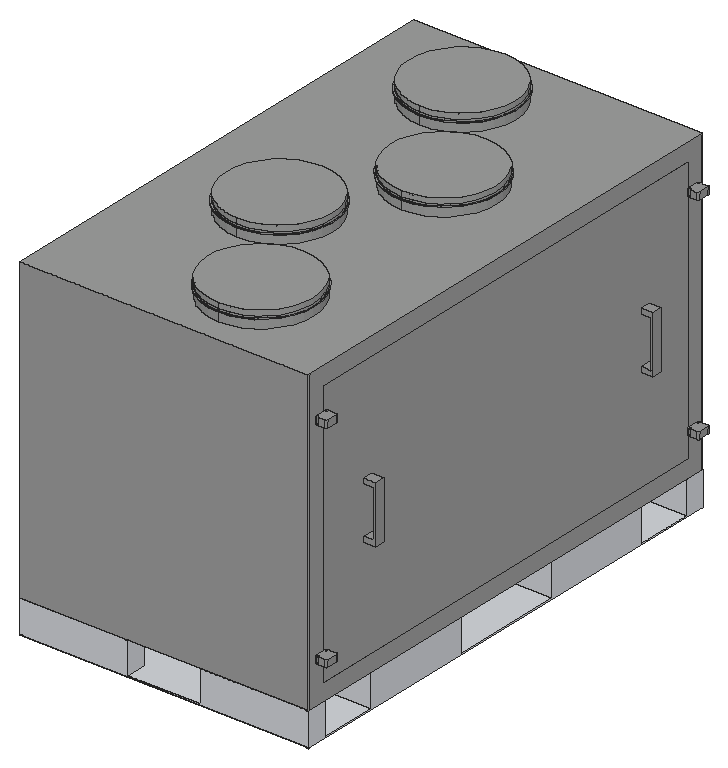
Revit family "Вентустановка Naveka Node5 Vertical", category Оборудование, Revit 2019
Family settings
  Размер круглого соединителя = Использовать диаметр
  Тип детали = Нормальный
  Номер OmniClass = 23.75.00.00
  Заголовок OmniClass = Climate Control (HVAC)
  На основе рабочей плоскости = Нет
  Всегда вертикально = Да
  При загрузке вырезать с полостями = Нет
  Общий = Нет
  Точка расчета площади = Нет
Parameters (values of type "Node5-315/RP-M,VAC,E4.5")
  Ток ТЭНа (на фазу), А = "7.6"
  Ток вентилятора, А = "2"
  Рама = yes
  Питание, В = "3-380"
  Мощность калорифера, кВт = "4.5"
  Мощность вентиляторов, кВт = "0.45"
  Материал = RAL 0000 Серый металл
  Крепления = no
  x2 = 555 mm
  l2 = 320 mm
  l1 = 219 mm
  d = 315 mm
  b = 217 mm
  Sv = 215 mm
  Sg = 338 mm
  L = 1455 mm
  H = 890 mm
  D+4.5 = D + 4.5 mm  # 161 mm
  D+0.5 = D + 0.5 mm  # 157 mm
  D = 156.5 mm
  B = 855 mm
  ADSK_Примечание = "https://progress-nw.ru/ustanovki/node5/node5-ac-vertical/ustanovka-ventilyacionnaya-pritochno-vytyazhnaya-node5-315-rp-m-vac-e4-5-vertical-1000-m3-ch-280-pa"
  ADSK_Позиция = ""
  ADSK_Наименование = "Установка вентиляционная Node5 Compact"  # constant formula
  ADSK_Масса = 89
  ADSK_Марка = "Node5-315/RP-M,VAC,E4.5 Vertical"
  ADSK_Код изделия = ""
  ADSK_Завод-изготовитель = "Naveka"  # constant formula
  ADSK_Единица измерения = "шт."  # constant formula
Types (11, lengths in mm): name | Ток ТЭНа (на фазу), А | Ток вентилятора, А | Рама | Питание, В | Мощность калорифера, кВт | Мощность вентиляторов, кВт | Крепления | x2 | l2 | l1 | d | b | Sv | Sg | L | H | D+4.5 | D+0.5 | D | B | ADSK_Примечание | ADSK_Масса | ADSK_Марка
  (no name) | "7.6" | "2" | yes | "3-380" | "4.5" | "0.45" | no | 555 | 320 | 219 | 315 | 217 | 215 | 338 | 1455 | 890 | 161 | 157 | 156.5 | 855 | "https://progress-nw.ru/ustanovki/node5/node5-ac-vertical/ustanovka-ventilyacionnaya-pritochno-vytyazhnaya-node5-315-rp-m-vac-e4-5-vertical-1000-m3-ch-280-pa" | 89 | "Node5-315/RP-M,VAC,E4.5 Vertical"
  Node5-125/RP-M,VAC,E0.37 | "1.7" | "0.5" | no | "1-220" | "0.37" | "0.1" | yes | 555 | 135 | 134 | 125 | 125 | 81 | 152 | 726 | 640 | 66 | 62 | 61.5 | 350 | "https://progress-nw.ru/ustanovki/node5/node5-ac-vertical/ustanovka-ventilyacionnaya-pritochno-vytyazhnaya-node5-125-rp-m-vac-e0-37-vertical-100-m3-ch-280-pa" | 57.4 | "Node5-125/RP-M,VAC,E0.37 Vertical"
  Node5-160/RP-M,VAC,E1.1 | "5.1" | "0.8" | no | "1-220" | "1.1" | "0.17" | yes | 657 | 135 | 125 | 160 | 150 | 56 | 207 | 892 | 690 | 83.5 | 79.5 | 79 | 350 | "https://progress-nw.ru/ustanovki/node5/node5-ac-vertical/ustanovka-ventilyacionnaya-pritochno-vytyazhnaya-node5-160-rp-m-vac-e1-1-vertical-250-m3-ch-250-pa" | 58.2 | "Node5-160/RP-M,VAC,E1.1 Vertical"
  Node5-200/RP-M,VAC,E1.5 | "6.8" | "1.2" | yes | "1-220" | "1.5" | "0.27" | no | 555 | 205 | 157 | 200 | 176 | 193 | 213 | 955 | 904 | 103.5 | 99.5 | 99 | 603 | "https://progress-nw.ru/ustanovki/node5/node5-ac-vertical/ustanovka-ventilyacionnaya-pritochno-vytyazhnaya-node5-200-rp-m-vac-e1-5-vertical-400-m3-ch-340-pa" | 86.4 | "Node5-200/RP-M,VAC,E1.5 Vertical"
  Node5-250/RP-M,VAC,E2.6 | "11.9" | "1.9" | yes | "1-220" | "2.6" | "0.42" | no | 555 | 205 | 193 | 250 | 185 | 193 | 286 | 1245 | 904 | 128.5 | 124.5 | 124 | 603 | "https://progress-nw.ru/ustanovki/node5/node5-ac-vertical/ustanovka-ventilyacionnaya-pritochno-vytyazhnaya-node5-250-rp-m-vac-e2-6-vertical-600-m3-ch-340-pa" | 87 | "Node5-250/RP-M,VAC,E2.6 Vertical"
  Node5-315/RP-M,VAC,E3.4 | "5.7" | "2" | yes | "3-380" | "3.4" | "0.45" | no | 555 | 320 | 219 | 315 | 217 | 215 | 338 | 1455 | 890 | 161 | 157 | 156.5 | 855 | "https://progress-nw.ru/ustanovki/node5/node5-ac-vertical/ustanovka-ventilyacionnaya-pritochno-vytyazhnaya-node5-315-rp-m-vac-e3-4-vertical-800-m3-ch-380-pa" | 89 | "Node5-315/RP-M,VAC,E3.4 Vertical"
  Node5-125/RP-M,VAC,E0.75 | "3.4" | "0.5" | no | "1-220" | "0.75" | "0.1" | yes | 555 | 135 | 134 | 125 | 125 | 81 | 152 | 726 | 640 | 66 | 62 | 61.5 | 350 | "https://progress-nw.ru/ustanovki/node5/node5-ac-vertical/ustanovka-ventilyacionnaya-pritochno-vytyazhnaya-node5-125-rp-m-vac-e0-75-vertical-200-m3-ch-190-pa" | 57.4 | "Node5-125/RP-M,VAC,E0.75 Vertical"
  Node5-160/RP-M,VAC,E1.5 | "6.8" | "0.8" | no | "1-220" | "1.5" | "0.17" | yes | 657 | 140 | 134 | 160 | 150 | 56 | 207 | 892 | 690 | 83.5 | 79.5 | 79 | 350 | "https://progress-nw.ru/ustanovki/node5/node5-ac-vertical/ustanovka-ventilyacionnaya-pritochno-vytyazhnaya-node5-160-rp-m-vac-e1-5-vertical-300-m3-ch-180-pa" | 58.2 | "Node5-160/RP-M,VAC,E1.5 Vertical"
  Node5-200/RP-M,VAC,E2.3 | "10.2" | "1.2" | yes | "1-220" | "2.3" | "0.27" | no | 555 | 205 | 157 | 200 | 176 | 193 | 213 | 955 | 904 | 103.5 | 99.5 | 99 | 603 | "https://progress-nw.ru/ustanovki/node5/node5-ac-vertical/ustanovka-ventilyacionnaya-pritochno-vytyazhnaya-node5-200-rp-m-vac-e2-3-vertical-500-m3-ch-280-pa" | 86.4 | "Node5-200/RP-M,VAC,E2.3 Vertical"
  Node5-250/RP-M,VAC,E3.4 | "5.7" | "1.9" | yes | "3-380" | "3.4" | "0.42" | no | 555 | 205 | 193 | 250 | 185 | 193 | 286 | 1245 | 904 | 128.5 | 124.5 | 124 | 603 | "https://progress-nw.ru/ustanovki/node5/node5-ac-vertical/ustanovka-ventilyacionnaya-pritochno-vytyazhnaya-node5-250-rp-m-vac-e3-4-vertical-700-m3-ch-260-pa" | 87 | "Node5-250/RP-M,VAC,E3.4 Vertical"
  Node5-315/RP-M,VAC,E4.5 | "7.6" | "2" | yes | "3-380" | "4.5" | "0.45" | no | 555 | 320 | 219 | 315 | 217 | 215 | 338 | 1455 | 890 | 161 | 157 | 156.5 | 855 | "https://progress-nw.ru/ustanovki/node5/node5-ac-vertical/ustanovka-ventilyacionnaya-pritochno-vytyazhnaya-node5-315-rp-m-vac-e4-5-vertical-1000-m3-ch-280-pa" | 89 | "Node5-315/RP-M,VAC,E4.5 Vertical"
Reference planes
  plane 1 "По центру (Вперед/Назад)": y = 0
  plane 2: x = 537
  plane 3 "По центру (Влево/Вправо)": x = 0
  plane 4: y = 727.5
  plane 5: y = -727.5
  plane 6: z = 545
  plane 7: x = 857
  plane 8: x = 2
  plane 9: z = 990
  plane 10: z = 1015
  plane 11: z = 1019
  plane 12: z = 1020
  plane 13: z = 1024
  plane 14: z = 1040
  plane 15 "По центру Л/Р": y = 508.5
  plane 16: z = 749.717
  plane 17: x = 97.178
  plane 18: z = 779.717
  plane 19: z = 809.717
  plane 20: z = 839.717
  plane 21: y = -673.5
  plane 22: z = 940
  plane 23: y = 673.5
  plane 24: z = 1010
  plane 25: z = 428
  plane 26: z = 455
  plane 27: z = 401
  plane 28: y = 758.97
  plane 29: y = -758.97
  plane 30: y = -677.5
  plane 31: y = 677.5
  plane 32: y = -676.5
  plane 33: y = 676.5
  plane 34: z = 939
  plane 35: z = 100
  plane 36: z = 150
  plane 37: z = 151
  plane 38: x = 854
  plane 39: y = -527.5
  plane 40: y = -497.5
  plane 41: y = 527.5
  plane 42: y = 497.5
  plane 43: z = 630
  plane 44: z = 460
  plane 45: x = 894
  plane 46: y = 707.5
  plane 47: y = 667.5
  plane 48: y = -687.5
  plane 49: y = -672.5
  plane 50: z = 872
  plane 51: z = 852
  plane 52: y = 700.5
  plane 53: z = 218
  plane 54: z = 238
  plane 55: y = -707.5
  plane 56: y = -667.5
  plane 57: x = 322
  plane 58 "По центру Л/Т": y = 170.5
  plane 59 "По центру Л/У": y = -505.5
  plane 60 "По центру Л/Ф": y = -167.5
  plane 61: y = -700.5
  plane 62: x = 67.178
  plane 63: z = 615
  plane 64: z = 475
  plane 65: x = 889
Forms (mm)
  Extrusion 1, solid, material "RAL 0000 Серый металл" <- "Материал", detail levels fine
    sketch origin (220.5, 5, 650) x (0, 1, 0) y (-1, 0, 0)
      loop
        circle (503.5, -101.5) r 156.5
    from 340 to 390
  Extrusion 2, solid, material "Каучук, черный", detail levels fine
    sketch origin (203.305, 0, 650) x (0, 1, 0) y (-1, 0, 0)
      loop
        circle (508.5, -118.695) r 157
    from 365 to 374
  Extrusion 3, solid, material "Каучук, черный", detail levels fine
    sketch origin (203.305, 0, 650) x (0, 1, 0) y (-1, 0, 0)
      loop
        circle (508.5, -118.695) r 161
    from 369 to 370
  Extrusion 4, solid, material "RAL 0000 Серый металл" <- "Материал"
    sketch origin (220.5, 0, 650) x (1, 0, 0) y (0, 1, 0)
      loop
        arc (636.5, 724.475) -> (635.614, 726.614) -> (633.475, 727.5) r 3.025
        line (633.475, 727.5) -> (-218.5, 727.5) -> (-218.5, -727.5) -> (633.484, -727.5)
        arc (633.484, -727.5) -> (635.617, -726.617) -> (636.5, -724.484) r 3.016
        line (636.5, -724.484) -> (636.5, 724.475)
    from 340 to -550
  Extrusion 5, solid, material "RAL 0000 Серый металл" <- "Материал", detail levels fine
    sketch origin (220.5, -212, 650) x (0, 1, 0) y (-1, 0, 0)
      loop
        circle (382.5, -316.5) r 156.5
    from 340 to 390
  Extrusion 6, solid, material "Каучук, черный", detail levels fine
    sketch origin (203.305, -217, 650) x (0, 1, 0) y (-1, 0, 0)
      loop
        circle (387.5, -333.695) r 157
    from 365 to 374
  Extrusion 7, solid, material "Каучук, черный", detail levels fine
    sketch origin (203.305, -217, 650) x (0, 1, 0) y (-1, 0, 0)
      loop
        circle (387.5, -333.695) r 161
    from 369 to 370
  Extrusion 8, solid, visible <- "Крепления"
    sketch origin (0, 999, -210) x (0, 1, 0) y (0, 0, 1)
      loop
        line (-325.5, 1200) -> (-325.5, 1150) -> (-271.5, 1150) -> (-271.5, 1200) -> (-283.217, 1229) -> (-313.783, 1229) -> (-325.5, 1200)
      loop
        circle (-298.5, 1220) r 4.5
    from 0 to 2
  Extrusion 9, solid, visible <- "Крепления"
    sketch origin (0, 0, 0) x (0, 1, 0) y (0, 0, 1)
      loop
        line (673.5, 455) -> (673.5, 401) -> (727.5, 401) -> (758.97, 413.715) -> (758.97, 442.285) -> (727.5, 455) -> (673.5, 455)
      loop
        circle (748.005, 428) r 4.5
    from 0 to 2
  Extrusion 10, solid, visible <- "Крепления"
    sketch origin (0, 0, 0) x (0, -1, 0) y (0, 0, -1)
      loop
        line (673.5, -455) -> (727.5, -455) -> (758.97, -442.285) -> (758.97, -413.715) -> (727.5, -401) -> (673.5, -401) -> (673.5, -455)
      loop
        circle (748.005, -428) r 4.5
    from 0 to 2
  Extrusion 11, void
    sketch origin (0, 0, 0) x (0, 1, 0) y (0, 0, 1)
      loop
        line (-677.5, 940) -> (-677.5, 150) -> (677.5, 150) -> (677.5, 940) -> (-677.5, 940)
      loop
        line (-676.5, 939) -> (-676.5, 151) -> (676.5, 151) -> (676.5, 939) -> (-676.5, 939)
    from 854 to 857
  Extrusion 12, solid, material "Каучук, черный"
    sketch origin (0, 0, 0) x (1, 0, 0) y (0, 0, 1)
      loop
        line (857, 615) -> (889, 615) -> (889, 475) -> (857, 475) -> (857, 460) -> (894, 460) -> (894, 630) -> (857, 630) -> (857, 615)
    from 497.5 to 527.5
  Extrusion 13, solid, material "Каучук, черный"
    sketch origin (0, 0, 0) x (1, 0, 0) y (0, 0, -1)
      loop
        line (857, -615) -> (857, -630) -> (894, -630) -> (894, -460) -> (857, -460) -> (857, -475) -> (889, -475) -> (889, -615) -> (857, -615)
    from 497.5 to 527.5
  Extrusion 14, solid, material "Каучук, черный"
    sketch origin (0, 0, 0) x (1, 0, 0) y (0, 1, 0)
      loop
        line (857, 707.5) -> (857, 667.5) -> (864, 667.5) -> (864, 672.5) -> (865.995, 672.5)
        arc (865.995, 672.5) -> (867.459, 668.964) -> (870.995, 667.5) r 5
        line (870.995, 667.5) -> (889, 667.5)
        arc (889, 667.5) -> (892.536, 668.964) -> (894, 672.5) r 5
        line (894, 672.5) -> (894, 702.5)
        arc (894, 702.5) -> (892.536, 706.036) -> (889, 707.5) r 5
        line (889, 707.5) -> (870.995, 707.5)
        arc (870.995, 707.5) -> (867.459, 706.036) -> (865.995, 702.5) r 5
        line (865.995, 702.5) -> (864, 702.5) -> (864, 707.5) -> (857, 707.5)
    from 852 to 872
  Extrusion 15, solid, material "Каучук, черный"
    sketch origin (0, -45, 0) x (1, 0, 0) y (0, 1, 0)
      loop
        line (857, 752.5) -> (857, 712.5) -> (864, 712.5) -> (864, 717.5) -> (865.995, 717.5)
        arc (865.995, 717.5) -> (867.459, 713.964) -> (870.995, 712.5) r 5
        line (870.995, 712.5) -> (889, 712.5)
        arc (889, 712.5) -> (892.536, 713.964) -> (894, 717.5) r 5
        line (894, 717.5) -> (894, 747.5)
        arc (894, 747.5) -> (892.536, 751.036) -> (889, 752.5) r 5
        line (889, 752.5) -> (870.995, 752.5)
        arc (870.995, 752.5) -> (867.459, 751.036) -> (865.995, 747.5) r 5
        line (865.995, 747.5) -> (864, 747.5) -> (864, 752.5) -> (857, 752.5)
    from 218 to 238
  Extrusion 16, solid, material "Каучук, черный"
    sketch origin (0, 0, 0) x (1, 0, 0) y (0, 1, 0)
      loop
        line (857, -707.5) -> (864, -707.5) -> (864, -702.5) -> (865.995, -702.5)
        arc (865.995, -702.5) -> (867.459, -706.036) -> (870.995, -707.5) r 5
        line (870.995, -707.5) -> (889, -707.5)
        arc (889, -707.5) -> (892.536, -706.036) -> (894, -702.5) r 5
        line (894, -702.5) -> (894, -672.5)
        arc (894, -672.5) -> (892.536, -668.964) -> (889, -667.5) r 5
        line (889, -667.5) -> (870.995, -667.5)
        arc (870.995, -667.5) -> (867.459, -668.964) -> (865.995, -672.5) r 5
        line (865.995, -672.5) -> (864, -672.5) -> (864, -667.5) -> (857, -667.5) -> (857, -707.5)
    from 852 to 872
  Extrusion 17, solid, material "Каучук, черный"
    sketch origin (0, 45, 0) x (1, 0, 0) y (0, 1, 0)
      loop
        line (857, -752.5) -> (864, -752.5) -> (864, -747.5) -> (865.995, -747.5)
        arc (865.995, -747.5) -> (867.459, -751.036) -> (870.995, -752.5) r 5
        line (870.995, -752.5) -> (889, -752.5)
        arc (889, -752.5) -> (892.536, -751.036) -> (894, -747.5) r 5
        line (894, -747.5) -> (894, -717.5)
        arc (894, -717.5) -> (892.536, -713.964) -> (889, -712.5) r 5
        line (889, -712.5) -> (870.995, -712.5)
        arc (870.995, -712.5) -> (867.459, -713.964) -> (865.995, -717.5) r 5
        line (865.995, -717.5) -> (864, -717.5) -> (864, -712.5) -> (857, -712.5) -> (857, -752.5)
    from 218 to 238
  Extrusion 18, solid, material "RAL 0000 Серый металл" <- "Материал", detail levels fine
    sketch origin (220.5, -251.5, 650) x (0, 1, 0) y (-1, 0, 0)
      loop
        circle (84, -101.5) r 156.5
    from 340 to 390
  Extrusion 19, solid, material "Каучук, черный", detail levels fine
    sketch origin (203.305, -256.5, 650) x (0, 1, 0) y (-1, 0, 0)
      loop
        circle (89, -118.695) r 157
    from 365 to 374
  Extrusion 20, solid, material "Каучук, черный", detail levels fine
    sketch origin (203.305, -256.5, 650) x (0, 1, 0) y (-1, 0, 0)
      loop
        circle (89, -118.695) r 161
    from 369 to 370
  Extrusion 21, solid, material "RAL 0000 Серый металл" <- "Материал", detail levels fine
    sketch origin (220.5, -492, 650) x (0, 1, 0) y (-1, 0, 0)
      loop
        circle (-13.5, -316.5) r 156.5
    from 340 to 390
  Extrusion 22, solid, material "Каучук, черный", detail levels fine
    sketch origin (203.305, -497, 650) x (0, 1, 0) y (-1, 0, 0)
      loop
        circle (-8.5, -333.695) r 157
    from 365 to 374
  Extrusion 23, solid, material "Каучук, черный", detail levels fine
    sketch origin (203.305, -497, 650) x (0, 1, 0) y (-1, 0, 0)
      loop
        circle (-8.5, -333.695) r 161
    from 369 to 370
  Extrusion 24, solid, visible <- "Крепления"
    sketch origin (0, 327, 0) x (0, 1, 0) y (0, 0, 1)
      loop
        line (-1054.5, 990) -> (-1054.5, 940) -> (-1000.5, 940) -> (-1000.5, 990) -> (-1012.217, 1019) -> (-1042.783, 1019) -> (-1054.5, 990)
      loop
        circle (-1027.5, 1010) r 4.5
    from 0 to 2
  Revolve 25, solid, material "Пластмасса, непрозрачная, белая", detail levels fine
    sketch origin (97.178, 1524, 1219.877) x (0, 0, 1) y (0, -1, 0)
      loop
        line (-470.161, 796.5) -> (-483.87, 796.5) -> (-483.87, 793.075) -> (-481.576, 791.75) -> (-479.601, 792.22) -> (-477.853, 793.047) -> (-476.854, 793.746) -> (-473.409, 793.746) -> (-473.409, 795.531) -> (-472.563, 795.531) -> (-472.563, 794.338) -> (-470.161, 794.338) -> (-470.161, 796.5)
      axis (-470.161, 791.75) -> (-470.161, 796.5)
    angle from 0 to 360
  Revolve 26, solid, material "Пластмасса, непрозрачная, белая", detail levels fine
    sketch origin (97.178, 1524, 1257.322) x (0, 0, 1) y (0, -1, 0)
      loop
        line (-477.605, 796.5) -> (-491.315, 796.5) -> (-491.315, 793.075) -> (-489.02, 791.75) -> (-487.046, 792.22) -> (-485.298, 793.047) -> (-484.299, 793.746) -> (-480.854, 793.746) -> (-480.854, 795.531) -> (-480.008, 795.531) -> (-480.008, 794.338) -> (-477.605, 794.338) -> (-477.605, 796.5)
      axis (-477.605, 791.75) -> (-477.605, 796.5)
    angle from 0 to 360
  Revolve 27, solid, material "Пластмасса, непрозрачная, белая", detail levels fine
    sketch origin (97.178, 1524, 1294.767) x (0, 0, 1) y (0, -1, 0)
      loop
        line (-485.05, 796.5) -> (-498.759, 796.5) -> (-498.759, 793.075) -> (-496.465, 791.75) -> (-494.491, 792.22) -> (-492.742, 793.047) -> (-491.744, 793.746) -> (-488.298, 793.746) -> (-488.298, 795.531) -> (-487.453, 795.531) -> (-487.453, 794.338) -> (-485.05, 794.338) -> (-485.05, 796.5)
      axis (-485.05, 791.75) -> (-485.05, 796.5)
    angle from 0 to 360
  Revolve 28, solid, material "Пластмасса, непрозрачная, белая", detail levels fine
    sketch origin (97.178, 1524, 1332.212) x (0, 0, 1) y (0, -1, 0)
      loop
        line (-492.495, 796.5) -> (-506.204, 796.5) -> (-506.204, 793.075) -> (-503.91, 791.75) -> (-501.935, 792.22) -> (-500.187, 793.047) -> (-499.188, 793.746) -> (-495.743, 793.746) -> (-495.743, 795.531) -> (-494.897, 795.531) -> (-494.897, 794.338) -> (-492.495, 794.338) -> (-492.495, 796.5)
      axis (-492.495, 791.75) -> (-492.495, 796.5)
    angle from 0 to 360
  Revolve 29, solid, material "Пластмасса, непрозрачная, белая", detail levels fine
    sketch origin (67.178, 1524, 1219.877) x (0, 0, 1) y (0, -1, 0)
      loop
        line (-470.161, 796.5) -> (-483.87, 796.5) -> (-483.87, 793.075) -> (-481.576, 791.75) -> (-479.601, 792.22) -> (-477.853, 793.047) -> (-476.854, 793.746) -> (-473.409, 793.746) -> (-473.409, 795.531) -> (-472.563, 795.531) -> (-472.563, 794.338) -> (-470.161, 794.338) -> (-470.161, 796.5)
      axis (-470.161, 791.75) -> (-470.161, 796.5)
    angle from 0 to 360
  Revolve 30, solid, material "Пластмасса, непрозрачная, белая", detail levels fine
    sketch origin (67.178, 1524, 1257.322) x (0, 0, 1) y (0, -1, 0)
      loop
        line (-477.605, 796.5) -> (-491.315, 796.5) -> (-491.315, 793.075) -> (-489.02, 791.75) -> (-487.046, 792.22) -> (-485.298, 793.047) -> (-484.299, 793.746) -> (-480.854, 793.746) -> (-480.854, 795.531) -> (-480.008, 795.531) -> (-480.008, 794.338) -> (-477.605, 794.338) -> (-477.605, 796.5)
      axis (-477.605, 791.75) -> (-477.605, 796.5)
    angle from 0 to 360
  Revolve 31, solid, material "Пластмасса, непрозрачная, белая", detail levels fine
    sketch origin (67.178, 1524, 1294.767) x (0, 0, 1) y (0, -1, 0)
      loop
        line (-485.05, 796.5) -> (-498.759, 796.5) -> (-498.759, 793.075) -> (-496.465, 791.75) -> (-494.491, 792.22) -> (-492.742, 793.047) -> (-491.744, 793.746) -> (-488.298, 793.746) -> (-488.298, 795.531) -> (-487.453, 795.531) -> (-487.453, 794.338) -> (-485.05, 794.338) -> (-485.05, 796.5)
      axis (-485.05, 791.75) -> (-485.05, 796.5)
    angle from 0 to 360
  Revolve 32, solid, material "Пластмасса, непрозрачная, белая", detail levels fine
    sketch origin (67.178, 1524, 1332.212) x (0, 0, 1) y (0, -1, 0)
      loop
        line (-492.495, 796.5) -> (-506.204, 796.5) -> (-506.204, 793.075) -> (-503.91, 791.75) -> (-501.935, 792.22) -> (-500.187, 793.047) -> (-499.188, 793.746) -> (-495.743, 793.746) -> (-495.743, 795.531) -> (-494.897, 795.531) -> (-494.897, 794.338) -> (-492.495, 794.338) -> (-492.495, 796.5)
      axis (-492.495, 791.75) -> (-492.495, 796.5)
    angle from 0 to 360
  Extrusion 33, solid, visible <- "Рама"
    sketch origin (0, 0, 0) x (0, 1, 0) y (0, 0, 1)
      loop
        arc (-726.543, 100) -> (-727.22, 99.72) -> (-727.5, 99.043) r 0.957
        line (-727.5, 99.043) -> (-727.5, 1)
        arc (-727.5, 1) -> (-727.207, 0.293) -> (-726.5, 0) r 1
        line (-726.5, 0) -> (726.497, 0)
        arc (726.497, 0) -> (727.206, 0.294) -> (727.5, 1.003) r 1.003
        line (727.5, 1.003) -> (727.5, 99.023)
        arc (727.5, 99.023) -> (727.214, 99.714) -> (726.523, 100) r 0.977
        line (726.523, 100) -> (-726.543, 100)
    from 2 to 857
  Extrusion 34, void
    sketch origin (0, 0, 0) x (1, 0, 0) y (0, 0, 1)
      loop
        line (537, 5) -> (537, 100) -> (322, 100) -> (322, 5) -> (537, 5)
    from -727.5 to 727.5
  Extrusion 35, void
    sketch origin (0, 0, 0) x (0, 1, 0) y (0, 0, 1)
      loop
        line (-667.5, 100) -> (-667.5, 5) -> (-497.5, 5) -> (-497.5, 100) -> (-667.5, 100)
      loop
        line (497.5, 100) -> (497.5, 5) -> (667.5, 5) -> (667.5, 100) -> (497.5, 100)
      loop
        line (-167.5, 100) -> (-167.5, 5) -> (170.5, 5) -> (170.5, 100) -> (-167.5, 100)
    from 2 to 857
Cuts and joins
  Extrusion 11, Extrusion 34 cuts Extrusion 4
  Extrusion 11 cuts Extrusion 8
  Extrusion 11 cuts Extrusion 9
  Extrusion 11 cuts Extrusion 10
  Extrusion 34, Extrusion 35 cuts Extrusion 33
Lines and regions (mm)
  model lines, not visible, detail levels coarse
    curve 1: circle (0, 0, 0) r 95 normal (0, 0, 1)
    curve 2: line (95, 0, 0) -> (-55.84, 76.857, 0)
    curve 3: line (-55.84, 76.857, 0) -> (-55.84, -76.857, 0)
    curve 4: line (-55.84, -76.857, 0) -> (95, 0, 0)
  model lines, not visible, detail levels medium
    curve 5: circle (0, 0, 0) r 75 normal (0, -1, 0)
    curve 6: line (75, 0, 0) -> (-46.678, 0, 58.704)
    curve 7: line (-47.5, 0, 58.041) -> (-47.5, 0, -58.041)
    curve 8: line (-46.678, 0, -58.704) -> (75, 0, 0)
Dimensions and locks
  "L": plane 5 to plane 4
  equal spacing: plane 5, plane 1 "По центру (Вперед/Назад)", plane 4
  "B": plane 7 to plane 8
  plane 16 to plane 18 to plane 19 to plane 20 = 30 mm, 30 mm, 30 mm
  locked: plane 8 to plane 3 "По центру (Влево/Вправо)" at 2
  locked: plane 5 to plane 21 at 54
  plane 34 to plane 22 to plane 9 = 1 mm locked, 50 mm locked
  locked: plane 23 to plane 4 at 54
  "x2": plane 24 to plane 26
  locked: plane 4 to plane 28 at 31.47
  locked: plane 26 to plane 27 at 54
  equal spacing: plane 26, plane 25, plane 27
  locked: plane 29 to plane 5 at 31.47
  plane 5 to plane 30 to plane 32 = 50 mm locked, 1 mm locked
  plane 33 to plane 31 to plane 4 = 1 mm locked, 50 mm locked
  locked: plane 35 to level at 100
  plane 37 to plane 36 to plane 35 = 1 mm locked, 50 mm locked
  locked: plane 7 to plane 38 at 3
  plane 5 to plane 39 to plane 40 = 200 mm locked, 30 mm locked
  plane 4 to plane 41 to plane 42 = 200 mm locked, 30 mm locked
  plane 4 to plane 46 to plane 47 = 20 mm locked, 40 mm locked
  plane 5 to plane 48 to plane 49 = 40 mm locked, 15 mm locked
  plane 51 to plane 50 to plane 9 = 20 mm locked, 118 mm locked
  locked: plane 52 to plane 4 at 27
  plane 54 to plane 53 to plane 35 = 20 mm locked, 118 mm locked
  plane 5 to plane 55 to plane 56 = 20 mm locked, 40 mm locked
  "l2": plane 8 to plane 57
  "Sv": plane 57 to plane 2
  "Sg": plane 58 "По центру Л/Т" to plane 15 "По центру Л/Р"
  "l1": plane 15 "По центру Л/Р" to plane 4
  "Sg": plane 60 "По центру Л/Ф" to plane 58 "По центру Л/Т"
  "Sg": plane 59 "По центру Л/У" to plane 60 "По центру Л/Ф"
  plane 8 to plane 7 = 855 mm
  "H": plane 9 to plane 35
  plane 9 to plane 24 to plane 10 to plane 11 to plane 12 to plane 13 to plane 14 = 20 mm locked, 5 mm locked, 4 mm locked, 1 mm locked, 4 mm locked, 16 mm locked
  plane 6 to plane 43 = 85 mm
  plane 44 to plane 6 = 85 mm
  locked: plane 5 to plane 61 at 27
  plane 16 to plane 18 to plane 19 to plane 20 to plane 9 = 30 mm locked, 30 mm locked, 30 mm locked, 150.283 mm locked
  plane 8 to plane 62 to plane 17 = 65.178 mm locked, 30 mm locked
  plane 43 to plane 63 to plane 6 to plane 64 to plane 44 = 15 mm locked, 70 mm locked, 70 mm locked, 15 mm locked
  equal spacing: plane 9, plane 6, plane 35
  Extrusion 34 sketch curve to Extrusion 34 sketch curve = 95 mm
  plane 45 to plane 65 to plane 7 = 5 mm locked, 32 mm locked
  "D": radius of Extrusion 1 sketch curve
  "D+0.5": radius of Extrusion 2 sketch curve
  "D+4.5": radius of Extrusion 3 sketch curve
  "D": radius of Extrusion 5 sketch curve
  "D+0.5": radius of Extrusion 6 sketch curve
  "D+4.5": radius of Extrusion 7 sketch curve
  "D": radius of Extrusion 18 sketch curve
  "D+0.5": radius of Extrusion 19 sketch curve
  "D+4.5": radius of Extrusion 20 sketch curve
  "D": radius of Extrusion 21 sketch curve
  "D+0.5": radius of Extrusion 22 sketch curve
  "D+4.5": radius of Extrusion 23 sketch curve
  aligned and locked: plane 14 to Extrusion 1
  aligned and locked: plane 13 to Extrusion 2
  aligned and locked: plane 12 to Extrusion 3
  aligned and locked: Extrusion 3 to plane 11
  aligned and locked: Extrusion 2 to plane 10
  aligned and locked: Extrusion 1 to plane 9
  aligned and locked: plane 9 to Extrusion 4
  aligned and locked: Extrusion 4 to plane 8
  aligned and locked: plane 15 "По центру Л/Р" to Extrusion 1 sketch curve
  aligned and locked: plane 15 "По центру Л/Р" to Extrusion 2 sketch curve
  aligned and locked: plane 15 "По центру Л/Р" to Extrusion 3 sketch curve
  aligned and locked: plane 2 to Extrusion 5 sketch curve
  aligned and locked: plane 2 to Extrusion 6 sketch curve
  aligned and locked: plane 2 to Extrusion 7 sketch curve
  aligned and locked: plane 14 to Extrusion 5  (x3)
  aligned and locked: Extrusion 5 to plane 9  (x4)
  aligned and locked: plane 13 to Extrusion 6  (x2)
  aligned and locked: plane 12 to Extrusion 7  (x2)
  aligned and locked: Extrusion 7 to plane 11  (x2)
  aligned and locked: Extrusion 6 to plane 10  (x2)
  aligned and locked: plane 4 to Extrusion 8
  aligned and locked: Extrusion 8 to plane 23
  aligned and locked: plane 22 to Extrusion 8
  aligned and locked: Extrusion 8 to plane 3 "По центру (Влево/Вправо)"
  aligned and locked: Extrusion 8 to plane 8
  aligned and locked: Extrusion 8 to plane 24
  aligned and locked: plane 26 to Extrusion 9 sketch curve
  aligned and locked: plane 27 to Extrusion 9 sketch curve
  aligned and locked: Extrusion 9 sketch curve to plane 23
  aligned and locked: Extrusion 9 sketch curve to plane 25
  aligned and locked: Extrusion 9 sketch curve to plane 28
  aligned and locked: plane 21 to Extrusion 10 sketch curve
  aligned and locked: plane 26 to Extrusion 10 sketch curve
  aligned and locked: plane 27 to Extrusion 10 sketch curve
  aligned and locked: plane 25 to Extrusion 10 sketch curve
  aligned and locked: plane 35 to Extrusion 4
  aligned and locked: plane 22 to Extrusion 11 sketch curve
  aligned and locked: Extrusion 11 sketch curve to plane 30
  aligned and locked: Extrusion 11 sketch curve to plane 36
  aligned and locked: Extrusion 11 sketch curve to plane 31
  aligned and locked: plane 34 to Extrusion 11 sketch curve
  aligned and locked: Extrusion 11 sketch curve to plane 32
  aligned and locked: Extrusion 11 sketch curve to plane 37
  aligned and locked: Extrusion 11 sketch curve to plane 33
  aligned and locked: plane 7 to Extrusion 11
  aligned and locked: Extrusion 11 to plane 38
  aligned and locked: plane 39 to Extrusion 12
  aligned and locked: Extrusion 12 to plane 40
  aligned and locked: Extrusion 13 to plane 42
  aligned and locked: plane 41 to Extrusion 13
  aligned and locked: plane 43 to Extrusion 12 sketch curve
  aligned and locked: plane 44 to Extrusion 12 sketch curve
  aligned and locked: Extrusion 12 sketch curve to plane 45
  aligned and locked: plane 7 to Extrusion 12 sketch curve
  aligned and locked: Extrusion 12 sketch curve to plane 7
  aligned and locked: Extrusion 13 sketch curve to plane 45
  aligned and locked: plane 43 to Extrusion 13 sketch curve
  aligned and locked: plane 44 to Extrusion 13 sketch curve
  aligned and locked: plane 7 to Extrusion 13 sketch curve
  aligned and locked: Extrusion 13 sketch curve to plane 7
  aligned and locked: Extrusion 14 to plane 50
  aligned and locked: plane 51 to Extrusion 14
  aligned and locked: plane 52 to Extrusion 8 sketch curve
  aligned and locked: Extrusion 15 to plane 53
  aligned and locked: plane 54 to Extrusion 15
  aligned and locked: Extrusion 15 sketch curve to plane 47  (x2)
  aligned and locked: Extrusion 15 sketch curve to plane 7
  aligned and locked: plane 46 to Extrusion 15 sketch curve
  aligned and locked: Extrusion 15 sketch curve to plane 46
  aligned and locked: plane 45 to Extrusion 15 sketch curve
  aligned and locked: Extrusion 16 sketch curve to plane 45
  aligned and locked: plane 56 to Extrusion 16 sketch curve  (x2)
  aligned and locked: plane 7 to Extrusion 16 sketch curve
  aligned and locked: plane 55 to Extrusion 16 sketch curve
  aligned and locked: Extrusion 16 sketch curve to plane 55
  aligned and locked: Extrusion 17 sketch curve to plane 45
  aligned and locked: plane 55 to Extrusion 17 sketch curve
  aligned and locked: Extrusion 17 sketch curve to plane 55
  aligned and locked: plane 7 to Extrusion 17 sketch curve
  aligned and locked: plane 56 to Extrusion 17 sketch curve  (x2)
  aligned and locked: plane 57 to Extrusion 3 sketch curve
  aligned and locked: plane 57 to Extrusion 2 sketch curve
  aligned and locked: plane 57 to Extrusion 1 sketch curve
  aligned and locked: plane 58 "По центру Л/Т" to Extrusion 7 sketch curve
  aligned and locked: plane 58 "По центру Л/Т" to Extrusion 5 sketch curve
  aligned and locked: plane 58 "По центру Л/Т" to Extrusion 6 sketch curve
  aligned and locked: plane 60 "По центру Л/Ф" to Extrusion 20 sketch curve
  aligned and locked: plane 57 to Extrusion 20 sketch curve
  aligned and locked: plane 60 "По центру Л/Ф" to Extrusion 18 sketch curve
  aligned and locked: plane 57 to Extrusion 18 sketch curve
  aligned and locked: plane 60 "По центру Л/Ф" to Extrusion 19 sketch curve
  aligned and locked: plane 57 to Extrusion 19 sketch curve
  aligned and locked: plane 59 "По центру Л/У" to Extrusion 23 sketch curve
  aligned and locked: plane 2 to Extrusion 23 sketch curve
  aligned and locked: plane 59 "По центру Л/У" to Extrusion 21 sketch curve
  aligned and locked: plane 2 to Extrusion 21 sketch curve
  aligned and locked: plane 59 "По центру Л/У" to Extrusion 22 sketch curve
  aligned and locked: plane 2 to Extrusion 22 sketch curve
  aligned and locked: plane 9 to Extrusion 21
  aligned and locked: plane 9 to Extrusion 18
  aligned and locked: Extrusion 18 to plane 9
  aligned and locked: Extrusion 21 to plane 9
  aligned and locked: Extrusion 21 to plane 14
  aligned and locked: Extrusion 18 to plane 14
  aligned and locked: plane 13 to Extrusion 22  (x2)
  aligned and locked: plane 12 to Extrusion 23  (x2)
  aligned and locked: plane 11 to Extrusion 23
  aligned and locked: plane 10 to Extrusion 22
  aligned and locked: Extrusion 23 to plane 11
  aligned and locked: plane 10 to Extrusion 19
  aligned and locked: plane 11 to Extrusion 20
  aligned and locked: Extrusion 20 to plane 12
  aligned and locked: Extrusion 19 to plane 13
  aligned and locked: plane 14 to Extrusion 21
  aligned and locked: plane 14 to Extrusion 18
  aligned and locked: plane 50 to Extrusion 16
  aligned and locked: Extrusion 16 to plane 51
  aligned and locked: plane 22 to Extrusion 8 sketch curve
  aligned and locked: Extrusion 8 sketch curve to plane 11
  aligned and locked: Extrusion 8 sketch curve to plane 24
  aligned and locked: Extrusion 24 sketch curve to plane 11
  aligned and locked: plane 24 to Extrusion 24 sketch curve
  aligned and locked: plane 61 to Extrusion 24 sketch curve
  aligned and locked: plane 5 to Extrusion 24 sketch curve
  aligned and locked: Extrusion 24 sketch curve to plane 21
  aligned and locked: plane 22 to Extrusion 24 sketch curve
  aligned and locked: Extrusion 24 to plane 8
  aligned and locked: Extrusion 24 to plane 3 "По центру (Влево/Вправо)"
  aligned and locked: plane 63 to Extrusion 12 sketch curve
  aligned and locked: Extrusion 12 sketch curve to plane 64
  aligned and locked: plane 63 to Extrusion 13 sketch curve
  aligned and locked: Extrusion 13 sketch curve to plane 64
  aligned and locked: cut or joined group of Extrusion 4, Extrusion 11, Extrusion 34 to Extrusion 33 sketch curve
  aligned and locked: level to Extrusion 33 sketch curve
  aligned and locked: Extrusion 33 sketch curve to plane 4
  aligned and locked: Extrusion 33 sketch curve to plane 5
  aligned and locked: plane 7 to Extrusion 33
  aligned and locked: plane 8 to Extrusion 33
  aligned and locked: Extrusion 34 sketch curve to plane 2
  aligned and locked: plane 57 to Extrusion 34 sketch curve
  aligned and locked: plane 4 to Extrusion 34
  aligned and locked: plane 5 to Extrusion 34
  aligned and locked: Extrusion 35 sketch curve to plane 35  (x3)
  aligned and locked: Extrusion 35 sketch curve to plane 56
  aligned and locked: plane 40 to Extrusion 35 sketch curve
  aligned and locked: plane 42 to Extrusion 35 sketch curve
  aligned and locked: Extrusion 35 sketch curve to plane 47
  aligned and locked: plane 7 to Extrusion 35
  aligned and locked: plane 8 to Extrusion 35
  aligned and locked: Extrusion 35 sketch curve to plane 60 "По центру Л/Ф"
  aligned and locked: Extrusion 35 sketch curve to cut or joined group of Extrusion 33, Extrusion 34, Extrusion 35
  aligned and locked: plane 58 "По центру Л/Т" to Extrusion 35 sketch curve
  aligned and locked: Extrusion 12 sketch curve to plane 65
  aligned and locked: Extrusion 13 sketch curve to plane 65
  aligned and locked: Extrusion 12 to plane 7  (x2)
  aligned and locked: Extrusion 13 to plane 7  (x2)
Automatic sketch dimensions
  curve 5 to curve 8 = 75 mm
  curve 5 to curve 6 = 0 mm
  curve 8 to curve 5 = 46.678 mm
  curve 6 to curve 5 = 46.678 mm
  curve 7 to curve 8 = 0.822 mm
  plane 5 to Extrusion 4 sketch curve = 0 mm
  Extrusion 4 sketch curve to plane 8 = 0 mm
  Extrusion 4 sketch curve to plane 4 = 0 mm
  Extrusion 4 sketch curve to plane 7 = 0 mm
  Extrusion 4 sketch curve to plane 38 = 0.025 mm
  Extrusion 4 sketch curve to plane 38 = 0.016 mm
  Extrusion 8 sketch curve to plane 23 = 0 mm
  Extrusion 8 sketch curve to plane 4 = 0 mm
  plane 9 to Extrusion 8 sketch curve = 0 mm  (x2)
  plane 31 to Extrusion 8 sketch curve = 7.717 mm
  plane 46 to Extrusion 8 sketch curve = 8.283 mm
  Extrusion 9 sketch curve to plane 4 = 0 mm  (x2)
  Extrusion 9 sketch curve to plane 28 = 10.965 mm
  plane 27 to Extrusion 9 sketch curve = 12.715 mm
  Extrusion 9 sketch curve to plane 26 = 12.715 mm
  Extrusion 10 sketch curve to plane 5 = 0 mm  (x2)
  Extrusion 10 sketch curve to plane 29 = 0 mm
  plane 29 to Extrusion 10 sketch curve = 10.965 mm
  Extrusion 10 sketch curve to plane 27 = 12.715 mm
  plane 26 to Extrusion 10 sketch curve = 12.715 mm
  Extrusion 14 sketch curve to plane 7 = 0 mm
  Extrusion 14 sketch curve to plane 47 = 0 mm  (x2)
  Extrusion 14 sketch curve to plane 46 = 0 mm  (x2)
  Extrusion 14 sketch curve to plane 45 = 0 mm
  Extrusion 14 sketch curve to Extrusion 14 sketch curve = 7 mm  (x2)
  Extrusion 14 sketch curve to Extrusion 14 sketch curve = 1.995 mm  (x2)
  Extrusion 14 sketch curve to Extrusion 14 sketch curve = 6.995 mm
  Extrusion 14 sketch curve to plane 23 = 1 mm
  Extrusion 14 sketch curve to plane 45 = 5 mm
  plane 52 to Extrusion 14 sketch curve = 2 mm
  Extrusion 15 sketch curve to Extrusion 15 sketch curve = 7 mm  (x2)
  Extrusion 15 sketch curve to Extrusion 15 sketch curve = 1.995 mm  (x2)
  Extrusion 15 sketch curve to Extrusion 15 sketch curve = 6.995 mm
  Extrusion 15 sketch curve to plane 23 = 1 mm
  Extrusion 15 sketch curve to plane 45 = 5 mm
  plane 52 to Extrusion 15 sketch curve = 2 mm
  plane 49 to Extrusion 16 sketch curve = 0 mm  (x2)
  Extrusion 16 sketch curve to Extrusion 16 sketch curve = 7 mm  (x2)
  Extrusion 16 sketch curve to Extrusion 16 sketch curve = 1.995 mm  (x2)
  Extrusion 16 sketch curve to Extrusion 16 sketch curve = 6.995 mm
  Extrusion 16 sketch curve to plane 61 = 2 mm
  plane 49 to Extrusion 17 sketch curve = 0 mm  (x2)
  Extrusion 17 sketch curve to Extrusion 17 sketch curve = 7 mm  (x2)
  Extrusion 17 sketch curve to Extrusion 17 sketch curve = 1.995 mm  (x2)
  Extrusion 17 sketch curve to Extrusion 17 sketch curve = 6.995 mm
  Extrusion 17 sketch curve to plane 61 = 2 mm
  plane 9 to Extrusion 24 sketch curve = 0 mm  (x2)
  plane 55 to Extrusion 24 sketch curve = 8.283 mm
  Extrusion 24 sketch curve to plane 48 = 2.283 mm
  Revolve 25 sketch curve to plane 4 = 0 mm  (x2)
  plane 16 to Revolve 25 sketch curve = 0 mm  (x2)
  plane 4 to Revolve 25 sketch curve = 0.969 mm
  plane 16 to Revolve 25 sketch curve = 2.403 mm
  Revolve 25 sketch curve to Revolve 25 sketch curve = 0.846 mm
  Revolve 25 sketch curve to Revolve 25 sketch curve = 3.445 mm
  plane 4 to Revolve 25 sketch curve = 3.453 mm
  Revolve 25 sketch curve to Revolve 25 sketch curve = 0.999 mm
  plane 4 to Revolve 25 sketch curve = 4.28 mm
  Revolve 25 sketch curve to Revolve 25 sketch curve = 1.748 mm
  plane 4 to Revolve 25 sketch curve = 4.75 mm
  Revolve 25 sketch curve to Revolve 25 sketch curve = 1.974 mm
  plane 4 to Revolve 25 sketch curve = 3.425 mm
  Revolve 25 sketch curve to Revolve 25 sketch curve = 2.294 mm
  Revolve 25 sketch curve to Revolve 25 sketch curve = 0.699 mm
  plane 4 to Revolve 25 sketch curve = 2.162 mm
  plane 46 to Revolve 25 sketch curve = 2.902 mm
  Revolve 26 sketch curve to plane 4 = 0 mm  (x2)
  plane 18 to Revolve 26 sketch curve = 0 mm  (x2)
  plane 4 to Revolve 26 sketch curve = 0.969 mm
  plane 18 to Revolve 26 sketch curve = 2.403 mm
  Revolve 26 sketch curve to Revolve 26 sketch curve = 0.846 mm
  Revolve 26 sketch curve to Revolve 26 sketch curve = 3.445 mm
  plane 4 to Revolve 26 sketch curve = 3.453 mm
  Revolve 26 sketch curve to Revolve 26 sketch curve = 0.999 mm
  plane 4 to Revolve 26 sketch curve = 4.28 mm
  Revolve 26 sketch curve to Revolve 26 sketch curve = 1.748 mm
  plane 4 to Revolve 26 sketch curve = 4.75 mm
  Revolve 26 sketch curve to Revolve 26 sketch curve = 1.974 mm
  plane 4 to Revolve 26 sketch curve = 3.425 mm
  Revolve 26 sketch curve to Revolve 26 sketch curve = 2.294 mm
  Revolve 26 sketch curve to Revolve 26 sketch curve = 0.699 mm
  plane 4 to Revolve 26 sketch curve = 2.162 mm
  plane 46 to Revolve 26 sketch curve = 2.902 mm
  Revolve 27 sketch curve to plane 4 = 0 mm  (x2)
  plane 19 to Revolve 27 sketch curve = 0 mm  (x2)
  plane 4 to Revolve 27 sketch curve = 0.969 mm
  plane 19 to Revolve 27 sketch curve = 2.403 mm
  Revolve 27 sketch curve to Revolve 27 sketch curve = 0.846 mm
  Revolve 27 sketch curve to Revolve 27 sketch curve = 3.445 mm
  plane 4 to Revolve 27 sketch curve = 3.453 mm
  Revolve 27 sketch curve to Revolve 27 sketch curve = 0.999 mm
  plane 4 to Revolve 27 sketch curve = 4.28 mm
  Revolve 27 sketch curve to Revolve 27 sketch curve = 1.748 mm
  plane 4 to Revolve 27 sketch curve = 4.75 mm
  Revolve 27 sketch curve to Revolve 27 sketch curve = 1.974 mm
  plane 4 to Revolve 27 sketch curve = 3.425 mm
  Revolve 27 sketch curve to Revolve 27 sketch curve = 2.294 mm
  Revolve 27 sketch curve to Revolve 27 sketch curve = 0.699 mm
  plane 4 to Revolve 27 sketch curve = 2.162 mm
  plane 46 to Revolve 27 sketch curve = 2.902 mm
  Revolve 28 sketch curve to plane 4 = 0 mm  (x2)
  plane 20 to Revolve 28 sketch curve = 0 mm  (x2)
  plane 4 to Revolve 28 sketch curve = 0.969 mm
  plane 20 to Revolve 28 sketch curve = 2.403 mm
  Revolve 28 sketch curve to Revolve 28 sketch curve = 0.846 mm
  Revolve 28 sketch curve to Revolve 28 sketch curve = 3.445 mm
  plane 4 to Revolve 28 sketch curve = 3.453 mm
  Revolve 28 sketch curve to Revolve 28 sketch curve = 0.999 mm
  plane 4 to Revolve 28 sketch curve = 4.28 mm
  Revolve 28 sketch curve to Revolve 28 sketch curve = 1.748 mm
  plane 4 to Revolve 28 sketch curve = 4.75 mm
  Revolve 28 sketch curve to Revolve 28 sketch curve = 1.974 mm
  plane 4 to Revolve 28 sketch curve = 3.425 mm
  Revolve 28 sketch curve to Revolve 28 sketch curve = 2.294 mm
  Revolve 28 sketch curve to Revolve 28 sketch curve = 0.699 mm
  plane 4 to Revolve 28 sketch curve = 2.162 mm
  plane 46 to Revolve 28 sketch curve = 2.902 mm
  Revolve 29 sketch curve to plane 4 = 0 mm  (x2)
  plane 16 to Revolve 29 sketch curve = 0 mm  (x2)
  plane 4 to Revolve 29 sketch curve = 0.969 mm
  plane 16 to Revolve 29 sketch curve = 2.403 mm
  Revolve 29 sketch curve to Revolve 29 sketch curve = 0.846 mm
  Revolve 29 sketch curve to Revolve 29 sketch curve = 3.445 mm
  plane 4 to Revolve 29 sketch curve = 3.453 mm
  Revolve 29 sketch curve to Revolve 29 sketch curve = 0.999 mm
  plane 4 to Revolve 29 sketch curve = 4.28 mm
  Revolve 29 sketch curve to Revolve 29 sketch curve = 1.748 mm
  plane 4 to Revolve 29 sketch curve = 4.75 mm
  Revolve 29 sketch curve to Revolve 29 sketch curve = 1.974 mm
  plane 4 to Revolve 29 sketch curve = 3.425 mm
  Revolve 29 sketch curve to Revolve 29 sketch curve = 2.294 mm
  Revolve 29 sketch curve to Revolve 29 sketch curve = 0.699 mm
  plane 4 to Revolve 29 sketch curve = 2.162 mm
  plane 46 to Revolve 29 sketch curve = 2.902 mm
  Revolve 30 sketch curve to plane 4 = 0 mm  (x2)
  plane 18 to Revolve 30 sketch curve = 0 mm  (x2)
  plane 4 to Revolve 30 sketch curve = 0.969 mm
  plane 18 to Revolve 30 sketch curve = 2.403 mm
  Revolve 30 sketch curve to Revolve 30 sketch curve = 0.846 mm
  Revolve 30 sketch curve to Revolve 30 sketch curve = 3.445 mm
  plane 4 to Revolve 30 sketch curve = 3.453 mm
  Revolve 30 sketch curve to Revolve 30 sketch curve = 0.999 mm
  plane 4 to Revolve 30 sketch curve = 4.28 mm
  Revolve 30 sketch curve to Revolve 30 sketch curve = 1.748 mm
  plane 4 to Revolve 30 sketch curve = 4.75 mm
  Revolve 30 sketch curve to Revolve 30 sketch curve = 1.974 mm
  plane 4 to Revolve 30 sketch curve = 3.425 mm
  Revolve 30 sketch curve to Revolve 30 sketch curve = 2.294 mm
  Revolve 30 sketch curve to Revolve 30 sketch curve = 0.699 mm
  plane 4 to Revolve 30 sketch curve = 2.162 mm
  plane 46 to Revolve 30 sketch curve = 2.902 mm
  Revolve 31 sketch curve to plane 4 = 0 mm  (x2)
  plane 19 to Revolve 31 sketch curve = 0 mm  (x2)
  plane 4 to Revolve 31 sketch curve = 0.969 mm
  plane 19 to Revolve 31 sketch curve = 2.403 mm
  Revolve 31 sketch curve to Revolve 31 sketch curve = 0.846 mm
  Revolve 31 sketch curve to Revolve 31 sketch curve = 3.445 mm
  plane 4 to Revolve 31 sketch curve = 3.453 mm
  Revolve 31 sketch curve to Revolve 31 sketch curve = 0.999 mm
  plane 4 to Revolve 31 sketch curve = 4.28 mm
  Revolve 31 sketch curve to Revolve 31 sketch curve = 1.748 mm
  plane 4 to Revolve 31 sketch curve = 4.75 mm
  Revolve 31 sketch curve to Revolve 31 sketch curve = 1.974 mm
  plane 4 to Revolve 31 sketch curve = 3.425 mm
  Revolve 31 sketch curve to Revolve 31 sketch curve = 2.294 mm
  Revolve 31 sketch curve to Revolve 31 sketch curve = 0.699 mm
  plane 4 to Revolve 31 sketch curve = 2.162 mm
  plane 46 to Revolve 31 sketch curve = 2.902 mm
  Revolve 32 sketch curve to plane 4 = 0 mm  (x2)
  plane 20 to Revolve 32 sketch curve = 0 mm  (x2)
  plane 4 to Revolve 32 sketch curve = 0.969 mm
  plane 20 to Revolve 32 sketch curve = 2.403 mm
  Revolve 32 sketch curve to Revolve 32 sketch curve = 0.846 mm
  Revolve 32 sketch curve to Revolve 32 sketch curve = 3.445 mm
  plane 4 to Revolve 32 sketch curve = 3.453 mm
  Revolve 32 sketch curve to Revolve 32 sketch curve = 0.999 mm
  plane 4 to Revolve 32 sketch curve = 4.28 mm
  Revolve 32 sketch curve to Revolve 32 sketch curve = 1.748 mm
  plane 4 to Revolve 32 sketch curve = 4.75 mm
  Revolve 32 sketch curve to Revolve 32 sketch curve = 1.974 mm
  plane 4 to Revolve 32 sketch curve = 3.425 mm
  Revolve 32 sketch curve to Revolve 32 sketch curve = 2.294 mm
  Revolve 32 sketch curve to Revolve 32 sketch curve = 0.699 mm
  plane 4 to Revolve 32 sketch curve = 2.162 mm
  plane 46 to Revolve 32 sketch curve = 2.902 mm
  Extrusion 33 sketch curve to Extrusion 33 sketch curve = 0.957 mm
  Extrusion 33 sketch curve to Extrusion 33 sketch curve = 1 mm
  Extrusion 33 sketch curve to plane 4 = 1.003 mm
  Extrusion 33 sketch curve to Extrusion 33 sketch curve = 0.977 mm
  Extrusion 34 sketch curve to plane 35 = 0 mm
  level to Extrusion 35 sketch curve = 5 mm  (x2)
  radius of Extrusion 8 sketch curve = 4.5 mm
  radius of Extrusion 9 sketch curve = 4.5 mm
  radius of Extrusion 10 sketch curve = 4.5 mm
  radius of Extrusion 24 sketch curve = 4.5 mm
Connectors
  hvac at (322, 508.5, 1040), driven by "d"
    settings: on Extrusion 1, index 1, duct flow 0.0 L/s, flow factor 0, pres drop 0.0 Pa, loss coef 0, conn angle 0.00°, conn width 304.8 mm, conn height 304.8 mm, conn diameter 315 mm, duct sys type 28, conn prof type 0, flow config 0, flow direction 0, loss method 0, conn ref index -1, conn util no, is conn primary yes, conn desc ""
  hvac at (537, 170.5, 1040), driven by "d"
    settings: on Extrusion 5, index 3, duct flow 0.0 L/s, flow factor 0, pres drop 0.0 Pa, loss coef 0, conn angle 0.00°, conn width 304.8 mm, conn height 304.8 mm, conn diameter 315 mm, duct sys type 28, conn prof type 0, flow config 0, flow direction 0, loss method 0, conn ref index -1, conn util no, is conn primary no, conn desc ""
  hvac at (322, -167.5, 1040), driven by "d"
    settings: on Extrusion 18, index 4, duct flow 0.0 L/s, flow factor 0, pres drop 0.0 Pa, loss coef 0, conn angle 0.00°, conn width 304.8 mm, conn height 304.8 mm, conn diameter 315 mm, duct sys type 28, conn prof type 0, flow config 0, flow direction 0, loss method 0, conn ref index -1, conn util no, is conn primary no, conn desc ""
  hvac at (537, -505.5, 1040), driven by "d"
    settings: on Extrusion 21, index 5, duct flow 0.0 L/s, flow factor 0, pres drop 0.0 Pa, loss coef 0, conn angle 0.00°, conn width 304.8 mm, conn height 304.8 mm, conn diameter 315 mm, duct sys type 28, conn prof type 0, flow config 0, flow direction 0, loss method 0, conn ref index -1, conn util no, is conn primary no, conn desc ""
